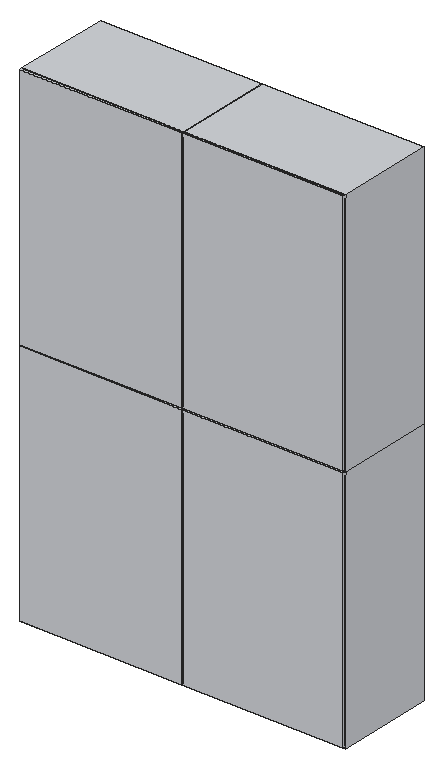
Revit family "LSN Configuration-C", category Electrical Equipment, host Face, Revit 2021
Family settings
  Host = Face
  Round Connector Dimension = Use Diameter
  Part Type = Other Panel
  OmniClass Number = 23.80.30.11.14
  OmniClass Title = Inverters
  Cut with Voids When Loaded = No
  Shared = No
  Room Calculation Point = No
Parameters (values of type "LSN")
  Width = 30.00"  # constant formula
  Wattage = ""
  Voltage = ""
  URL = "https://www.currentlighting.com/dual-lite"
  Temperature Range = "20°C - 30°C (68°F - 86°F)"  # constant formula
  Product Page URL = ""
  Product Documentation Link = ""
  Output Voltage = Output Voltage : 120/240VAC
  Model = "LSN - D Series"  # constant formula
  Manufacturer = "Dual-Lite"  # constant formula
  Load Classification = Power
  Input Voltage = Input Voltage : 120VAC
  Housing Material = Metal - Steel - Gray
  Height = 46.00"  # constant formula
  Door Open [instance] = no
  Door Angle [instance] = if(Door Open, 90.00°, 0.00°)  # 0.00°
  Description = "Single-Phase Central Lighting Inverters"  # constant formula
  Depth = 18.63"  # constant formula
  Default Elevation = 48.00"
  Connector Description = "Electrical Connector"  # constant formula
  Capacity Rating = Capacity Rating : 01 = 1.0KVA
  Battery Type = Battery Type : G = 20-Year VRLA Lead-Calcium
  Assembly Code = "D5090200"
Reference planes (in)
  plane 1 "Center (Front/Back)": y = 0
  plane 2 "Bottom": z = 0
  plane 3 "Center (Left/Right)": x = 0
  plane 4 "Right": x = 15
  plane 5 "Left": x = -15
  plane 6 "Top": z = 46
  plane 7 "T": y = 9.315
  plane 8 "Front": y = -9.315
  plane 9: y = -8.815
  plane 10: x = -14.5
  plane 11: z = 45.5
  plane 12: x = 14.5
  plane 13: z = 0.5
  plane 14: y = 8.815
Lines and regions (in)
  reference lines
    curve 1: line (-15, -8.815, 0) -> (-15, -9.315, 0)
    curve 2: line (-15, -8.815, 0) -> (-15, -15.565, 0)
    curve 3: line (-15, -8.815, 0) -> (-7, -8.815, 0)
Dimensions and locks (in)
  "Width": plane 5 "Left" to plane 4 "Right"
  "Depth": plane 8 "Front" to plane 7 "T"
  equal spacing: plane 8 "Front", plane 1 "Center (Front/Back)", plane 7 "T"
  equal spacing: plane 5 "Left", plane 3 "Center (Left/Right)", plane 4 "Right"
  locked: plane 9 to plane 8 "Front" at 0.5
  locked: plane 14 to plane 7 "T" at 0.5
  locked: curve 2 to curve 3 (angle 90.00°)
  "Door Angle": angle curve 3 to plane 9
  aligned and locked: host face to plane 2 "Bottom"
  aligned and locked: plane 9 to curve 1
  aligned and locked: plane 3 "Center (Left/Right)" to nested 1
  aligned and locked: plane 3 "Center (Left/Right)" to nested 2
  aligned and locked: plane 1 "Center (Front/Back)" to nested 1
  aligned and locked: plane 1 "Center (Front/Back)" to nested 2
  aligned and locked: nested 3 to plane 4 "Right"
  aligned and locked: plane 1 "Center (Front/Back)" to nested 3
  aligned and locked: nested 4 to plane 4 "Right"
  aligned and locked: plane 1 "Center (Front/Back)" to nested 4
Automatic sketch dimensions
  host sketch curve to host sketch curve = 122.61932"
  host sketch curve to host sketch curve = 96.00"
  curve 1 to plane 5 "Left" = 0.00"
  curve 1 to plane 8 "Front" = 0.00"
Nested families (in)
  nested 1: "LSN" at (0, 0, 0), type "LSN"
    with Door Angle 0.00°
  nested 2: "LSN-1" at (0, 0, 46), type "LSN"
    with Door Angle 0.00°
  nested 3: "LSN" at (30, 0, 0), type "LSN"
    with Door Angle 0.00°
  nested 4: "LSN" at (30, 0, 46), type "LSN"
    with Door Angle 0.00°
Connectors (in)
  electrical at (0, 9.315, 23), driven by "Connector Description", driven by "Load Classification"
    settings: on nested 1, index 1, voltage 0 V, apparent load 0 VA, apparent load phase1 0 VA, apparent load phase2 0 VA, apparent load phase3 0 VA, power factor 1, load classification "Power", number of poles 1, system type 30, power factor state 1, is connector primary yes, connector utility no, sub classification motor no, connector description "Electrical Connector"
Definition of nested family "LSN"
  Parameters
    Width = 30.00"  # constant formula
    Wattage = ""
    Voltage = ""
    URL = "http://www.dual-lite.com/"
    Temperature Range = "20°C - 30°C (68°F - 86°F)"  # constant formula
    Product Page URL = "http://www.dual-lite.com/products/lsn_d_series"
    Product Documentation Link = "http://cdn.dual-lite.com/content/products/specs/specs_files/dlt_lsn_specsht.pdf"
    Model = "LSN - D Series"  # constant formula
    Manufacturer Phone = "864-678-1000"  # constant formula
    Manufacturer Fax = "866-898-0131"  # constant formula
    Manufacturer = "Dual-Lite"  # constant formula
    Load Classification = none
    Housing Material = none
    Height = 46.00"  # constant formula
    Door Open = no
    Door Angle [instance] = if(Door Open, 90.00°, 0.00°)  # 0.00°
    Description = "Single-Phase Central Lighting Inverters"  # constant formula
    Depth = 18.63"  # constant formula
    Default Elevation = 48.00"
    Connector Description = "Electrical Connector"  # constant formula
    Assembly Code = "D5090200"
  Reference planes (in)
    plane 1 "Center (Front/Back)": y = 0
    plane 2 "Bottom": z = 0
    plane 3 "Center (Left/Right)": x = 0
    plane 4 "Right": x = 15
    plane 5 "Left": x = -15
    plane 6 "Top": z = 46
    plane 7 "T": y = 9.315
    plane 8 "Front": y = -9.315
    plane 9: y = -8.815
    plane 10: x = -14.5
    plane 11: z = 45.5
    plane 12: x = 14.5
    plane 13: z = 0.5
    plane 14: y = 8.815
  Forms (in)
    Extrusion 1, solid
      sketch origin (0, 0, 0) x (1, 0, 0) y (0, 1, 0)
        loop
          line (-48, 48) -> (-48, -48) -> (48, -48) -> (48, 48) -> (-48, 48)
      from 0 to -12
    Extrusion 2, solid, material <- "Housing Material"
      sketch origin (31, -10.16313, -33.67652) x (-1, 0, 0) y (0, 0, -1)
        loop
          line (46, -79.67652) -> (46, -33.67652) -> (16, -33.67652) -> (16, -79.67652) -> (46, -79.67652)
      from -1.34813 to -19.47813
    Extrusion 3, void
      sketch origin (0, -10.16313, 0) x (-1, 0, 0) y (0, 0, -1)
        loop
          line (14.5, -45.5) -> (14.5, -0.5) -> (-14.5, -0.5) -> (-14.5, -45.5) -> (14.5, -45.5)
      from -0.84813 to -18.97813
  Cuts and joins
    Extrusion 3 cuts Extrusion 2
  Lines and regions (in)
    reference lines
      curve 1: line (-15, -8.815, 0) -> (-15, -9.315, 0)
      curve 2: line (-15, -8.815, 0) -> (-15, -15.565, 0)
      curve 3: line (-15, -8.815, 0) -> (-7, -8.815, 0)
  Dimensions and locks (in)
    "Width": plane 5 "Left" to plane 4 "Right"
    "Depth": plane 8 "Front" to plane 7 "T"
    equal spacing: plane 8 "Front", plane 1 "Center (Front/Back)", plane 7 "T"
    equal spacing: plane 5 "Left", plane 3 "Center (Left/Right)", plane 4 "Right"
    locked: plane 9 to plane 8 "Front" at 0.5
    locked: plane 5 "Left" to plane 10 at 0.5
    locked: plane 6 "Top" to plane 11 at 0.5
    locked: plane 4 "Right" to plane 12 at 0.5
    locked: plane 14 to plane 7 "T" at 0.5
    locked: plane 13 to plane 2 "Bottom" at 0.5
    "Height": plane 6 "Top" to plane 2 "Bottom"
    locked: curve 2 to curve 3 (angle 90.00°)
    "Door Angle": angle curve 3 to plane 9
    "Door Angle": angle nested 1 to plane 9
    aligned and locked: plane 2 "Bottom" to Extrusion 1
    aligned and locked: Extrusion 2 sketch curve to plane 4 "Right"
    aligned and locked: plane 5 "Left" to Extrusion 2 sketch curve
    aligned and locked: Extrusion 3 sketch curve to plane 11
    aligned and locked: Extrusion 3 sketch curve to plane 12
    aligned and locked: plane 13 to Extrusion 3 sketch curve
    aligned and locked: Extrusion 3 sketch curve to plane 10
    aligned and locked: Extrusion 3 to plane 14
    aligned and locked: plane 9 to curve 1
    aligned and locked: Extrusion 2 to plane 7 "T"
    aligned and locked: Extrusion 3 to plane 8 "Front"
    aligned and locked: Extrusion 2 to plane 9
    aligned and locked: plane 6 "Top" to Extrusion 2
    aligned and locked: curve 2 to nested 1
    aligned and locked: curve 3 to nested 1
    aligned and locked: plane 6 "Top" to nested 1
  Automatic sketch dimensions
    Extrusion 1 sketch curve to Extrusion 1 sketch curve = 96.00"  (x2)
    Extrusion 2 sketch curve to plane 6 "Top" = 0.00"
    curve 3 to plane 5 "Left" = 0.00"
    curve 1 to plane 8 "Front" = 0.00"
    Extrusion 2 sketch curve to plane 2 "Bottom" = 0.00"
  Nested families (in)
    nested 1: "Door" at (0, -8.815, 0), type "Door"
  Definition of nested family "Door"
    Parameters
      Material = none
      Length = 30.00"
      Height = 46.00"
      Default Elevation = 0.00"
    Reference planes (in)
      plane 1 "Center (Front/Back)": y = 0
      plane 2: z = 0
      plane 3 "Center (Left/Right)": x = 0
      plane 4: x = 15
      plane 5: x = -15
      plane 6: y = -0.5
      plane 7: y = -0.4
      plane 8: z = 46
      plane 9: z = 0.50743
      plane 10: z = 45.5
      plane 11: x = -14.8
      plane 12: x = 14.8
      plane 13: z = 0.29687
    Forms (in)
      Extrusion 1, solid, material <- "Material"
        sketch origin (0, 0, 0) x (0, 1, 0) y (0, 0, 1)
          loop
            line (0, 46) -> (-0.5, 46) -> (-0.5, 0.29687) -> (0, 0.29687) -> (0, 0.50743) -> (-0.4, 0.50743) -> (-0.4, 45.5) -> (0, 45.5) -> (0, 46)
        from -15 to 15
      Extrusion 2, solid, material <- "Material"
        sketch origin (0, 0, 0) x (1, 0, 0) y (0, 1, 0)
          loop
            line (-15, 0) -> (-15, -0.4) -> (-14.8, -0.4) -> (-14.8, 0) -> (-15, 0)
          loop
            line (14.8, 0) -> (14.8, -0.4) -> (15, -0.4) -> (15, 0) -> (14.8, 0)
        from 0.50743 to 45.5
      Extrusion 3, void, not visible
        sketch origin (0, 0, 0) x (1, 0, 0) y (0, 0, 1)
          loop
            line (-13.99886, 4.74938) -> (-13.99886, 1.74938) -> (-13.74886, 1.74938) -> (-13.74886, 4.74938) -> (-13.99886, 4.74938)
        from 0 to 12
    Lines and regions (in)
      reference lines
        curve 1: line (-15, -0.5, 0) -> (-15, -2.25, 0)
        curve 2: line (-15, -0.5, 0) -> (18.75, -0.5, 0)
      model lines
        curve 3: circle (-12.83648, -0.5, 24.38305) r 0.5 normal (0, -1, 0)
    Dimensions and locks (in)
      equal spacing: plane 5, plane 3 "Center (Left/Right)", plane 4
      "Length": plane 5 to plane 4
      plane 1 "Center (Front/Back)" to plane 6 = 0.50"
      plane 7 to plane 6 = 0.10"
      "Height": plane 8 to level
      plane 8 to plane 10 = 0.50"
      plane 1 "Center (Front/Back)" to Extrusion 2 = 0.40"
      locked: plane 4 to plane 12 at 0.2
      locked: plane 11 to plane 5 at 0.2
      locked: plane 13 to plane 2 at 0.29688
      aligned and locked: plane 2 to level
      aligned and locked: Extrusion 1 sketch curve to plane 8
      aligned and locked: Extrusion 1 sketch curve to plane 6
      aligned and locked: plane 7 to Extrusion 1 sketch curve
      aligned and locked: plane 1 "Center (Front/Back)" to Extrusion 1 sketch curve
      aligned and locked: Extrusion 1 to plane 10
      aligned and locked: plane 9 to Extrusion 1
      aligned and locked: Extrusion 1 to plane 5
      aligned and locked: plane 4 to Extrusion 1
      aligned and locked: Extrusion 2 sketch curve to plane 11
      aligned and locked: plane 1 "Center (Front/Back)" to Extrusion 2 sketch curve
      aligned and locked: Extrusion 2 sketch curve to plane 12
      aligned and locked: plane 10 to Extrusion 2
      aligned and locked: Extrusion 2 to plane 9
      aligned and locked: Extrusion 2 sketch curve to plane 7  (x2)
    Automatic sketch dimensions
      curve 1 to plane 5 = 0.00"
      plane 6 to curve 2 = 0.00"
      plane 4 to curve 2 = 3.75"
      curve 1 to curve 1 = 1.75"
      Extrusion 3 sketch curve to Extrusion 3 sketch curve = 0.25"
      Extrusion 3 sketch curve to Extrusion 3 sketch curve = 3.00"
      Extrusion 1 sketch curve to plane 1 "Center (Front/Back)" = 0.00"
      Extrusion 1 sketch curve to plane 9 = 0.00"
      Extrusion 1 sketch curve to plane 10 = 0.00"
      Extrusion 2 sketch curve to plane 5 = 0.00"
      Extrusion 2 sketch curve to plane 4 = 0.00"
      plane 1 "Center (Front/Back)" to Extrusion 2 sketch curve = 0.00"
      plane 11 to curve 3 = 1.96352"
      curve 3 to plane 10 = 21.11695"
      level to Extrusion 1 sketch curve = 0.29688"
      radius of curve 3 = 0.50"
Definition of nested family "LSN-1"
  Parameters
    Width = 30.00"  # constant formula
    Wattage = ""
    Voltage = ""
    URL = "http://www.dual-lite.com/"
    Temperature Range = "20°C - 30°C (68°F - 86°F)"  # constant formula
    Product Page URL = "http://www.dual-lite.com/products/lsn_d_series"
    Product Documentation Link = "http://cdn.dual-lite.com/content/products/specs/specs_files/dlt_lsn_specsht.pdf"
    Model = "LSN - D Series"  # constant formula
    Manufacturer Phone = "864-678-1000"  # constant formula
    Manufacturer Fax = "866-898-0131"  # constant formula
    Manufacturer = "Dual-Lite"  # constant formula
    Load Classification = none
    Housing Material = none
    Height = 46.00"  # constant formula
    Door Open = no
    Door Angle [instance] = if(Door Open, 90.00°, 0.00°)  # 0.00°
    Description = "Single-Phase Central Lighting Inverters"  # constant formula
    Depth = 18.63"  # constant formula
    Default Elevation = 48.00"
    Connector Description = "Electrical Connector"  # constant formula
    Assembly Code = "D5090200"
  Reference planes (in)
    plane 1 "Center (Front/Back)": y = 0
    plane 2 "Bottom": z = 0
    plane 3 "Center (Left/Right)": x = 0
    plane 4 "Right": x = 15
    plane 5 "Left": x = -15
    plane 6 "Top": z = 46
    plane 7 "T": y = 9.315
    plane 8 "Front": y = -9.315
    plane 9: y = -8.815
    plane 10: x = -14.5
    plane 11: z = 45.5
    plane 12: x = 14.5
    plane 13: z = 0.5
    plane 14: y = 8.815
  Forms (in)
    Extrusion 1, solid
      sketch origin (0, 0, 0) x (1, 0, 0) y (0, 1, 0)
        loop
          line (-48, 48) -> (-48, -48) -> (48, -48) -> (48, 48) -> (-48, 48)
      from 0 to -12
    Extrusion 2, solid, material <- "Housing Material"
      sketch origin (31, -10.16313, -33.67652) x (-1, 0, 0) y (0, 0, -1)
        loop
          line (46, -79.67652) -> (46, -33.67652) -> (16, -33.67652) -> (16, -79.67652) -> (46, -79.67652)
      from -1.34813 to -19.47813
    Extrusion 3, void
      sketch origin (0, -10.16313, 0) x (-1, 0, 0) y (0, 0, -1)
        loop
          line (14.5, -45.5) -> (14.5, -0.5) -> (-14.5, -0.5) -> (-14.5, -45.5) -> (14.5, -45.5)
      from -0.84813 to -18.97813
  Cuts and joins
    Extrusion 3 cuts Extrusion 2
  Lines and regions (in)
    reference lines
      curve 1: line (-15, -8.815, 0) -> (-15, -9.315, 0)
      curve 2: line (-15, -8.815, 0) -> (-15, -15.565, 0)
      curve 3: line (-15, -8.815, 0) -> (-7, -8.815, 0)
  Dimensions and locks (in)
    "Width": plane 5 "Left" to plane 4 "Right"
    "Depth": plane 8 "Front" to plane 7 "T"
    equal spacing: plane 8 "Front", plane 1 "Center (Front/Back)", plane 7 "T"
    equal spacing: plane 5 "Left", plane 3 "Center (Left/Right)", plane 4 "Right"
    locked: plane 9 to plane 8 "Front" at 0.5
    locked: plane 5 "Left" to plane 10 at 0.5
    locked: plane 6 "Top" to plane 11 at 0.5
    locked: plane 4 "Right" to plane 12 at 0.5
    locked: plane 14 to plane 7 "T" at 0.5
    locked: plane 13 to plane 2 "Bottom" at 0.5
    "Height": plane 6 "Top" to plane 2 "Bottom"
    locked: curve 2 to curve 3 (angle 90.00°)
    "Door Angle": angle curve 3 to plane 9
    "Door Angle": angle nested 1 to plane 9
    aligned and locked: plane 2 "Bottom" to Extrusion 1
    aligned and locked: Extrusion 2 sketch curve to plane 4 "Right"
    aligned and locked: plane 5 "Left" to Extrusion 2 sketch curve
    aligned and locked: Extrusion 3 sketch curve to plane 11
    aligned and locked: Extrusion 3 sketch curve to plane 12
    aligned and locked: plane 13 to Extrusion 3 sketch curve
    aligned and locked: Extrusion 3 sketch curve to plane 10
    aligned and locked: Extrusion 3 to plane 14
    aligned and locked: plane 9 to curve 1
    aligned and locked: Extrusion 2 to plane 7 "T"
    aligned and locked: Extrusion 3 to plane 8 "Front"
    aligned and locked: Extrusion 2 to plane 9
    aligned and locked: plane 6 "Top" to Extrusion 2
    aligned and locked: curve 2 to nested 1
    aligned and locked: curve 3 to nested 1
    aligned and locked: plane 6 "Top" to nested 1
  Automatic sketch dimensions
    Extrusion 1 sketch curve to Extrusion 1 sketch curve = 96.00"  (x2)
    Extrusion 2 sketch curve to plane 6 "Top" = 0.00"
    curve 3 to plane 5 "Left" = 0.00"
    curve 1 to plane 8 "Front" = 0.00"
    Extrusion 2 sketch curve to plane 2 "Bottom" = 0.00"
  Nested families (in)
    nested 1: "Door" at (0, -8.815, 0), type "Door"
  Definition of nested family "Door"
    Parameters
      Material = none
      Length = 30.00"
      Height = 46.00"
      Default Elevation = 0.00"
    Reference planes (in)
      plane 1 "Center (Front/Back)": y = 0
      plane 2: z = 0
      plane 3 "Center (Left/Right)": x = 0
      plane 4: x = 15
      plane 5: x = -15
      plane 6: y = -0.5
      plane 7: y = -0.4
      plane 8: z = 46
      plane 9: z = 0.50743
      plane 10: z = 45.5
      plane 11: x = -14.8
      plane 12: x = 14.8
      plane 13: z = 0.29687
    Forms (in)
      Extrusion 1, solid, material <- "Material"
        sketch origin (0, 0, 0) x (0, 1, 0) y (0, 0, 1)
          loop
            line (0, 46) -> (-0.5, 46) -> (-0.5, 0.29687) -> (0, 0.29687) -> (0, 0.50743) -> (-0.4, 0.50743) -> (-0.4, 45.5) -> (0, 45.5) -> (0, 46)
        from -15 to 15
      Extrusion 2, solid, material <- "Material"
        sketch origin (0, 0, 0) x (1, 0, 0) y (0, 1, 0)
          loop
            line (-15, 0) -> (-15, -0.4) -> (-14.8, -0.4) -> (-14.8, 0) -> (-15, 0)
          loop
            line (14.8, 0) -> (14.8, -0.4) -> (15, -0.4) -> (15, 0) -> (14.8, 0)
        from 0.50743 to 45.5
      Extrusion 3, void, not visible
        sketch origin (0, 0, 0) x (1, 0, 0) y (0, 0, 1)
          loop
            line (-13.99886, 4.74938) -> (-13.99886, 1.74938) -> (-13.74886, 1.74938) -> (-13.74886, 4.74938) -> (-13.99886, 4.74938)
        from 0 to 12
    Lines and regions (in)
      reference lines
        curve 1: line (-15, -0.5, 0) -> (-15, -2.25, 0)
        curve 2: line (-15, -0.5, 0) -> (18.75, -0.5, 0)
      model lines
        curve 3: line (-13.5, -0.5, 19.91964) -> (13.5, -0.5, 19.91964)
        curve 4: line (-13.5, -0.5, 12.41964) -> (-13.5, -0.5, 19.91964)
        curve 5: line (13.5, -0.5, 12.41964) -> (-13.5, -0.5, 12.41964)
        curve 6: circle (0, -0.5, 13.68461) r 0.5 normal (0, -1, 0)
        curve 7: circle (-12.83648, -0.5, 24.38305) r 0.5 normal (0, -1, 0)
        curve 8: line (13.5, -0.5, 12.41964) -> (13.5, -0.5, 19.91964)
        curve 9: line (-13.99886, -0.5, 4.12438) -> (-13.74886, -0.5, 4.12438)
        curve 10: line (-13.99886, -0.5, 1.12438) -> (-13.99886, -0.5, 4.12438)
        curve 11: line (-13.74886, -0.5, 1.12438) -> (-13.99886, -0.5, 1.12438)
        curve 12: line (-13.74886, -0.5, 4.12438) -> (-13.74886, -0.5, 1.12438)
        curve 13: line (13.75114, -0.5, 4.12438) -> (14.00114, -0.5, 4.12438)
        curve 14: line (13.75114, -0.5, 1.12438) -> (13.75114, -0.5, 4.12438)
        curve 15: line (14.00114, -0.5, 1.12438) -> (13.75114, -0.5, 1.12438)
        curve 16: line (14.00114, -0.5, 4.12438) -> (14.00114, -0.5, 1.12438)
        curve 17: line (-13.43253, -0.5, 4.12438) -> (-13.18253, -0.5, 4.12438)
        curve 18: line (-13.43253, -0.5, 1.12438) -> (-13.43253, -0.5, 4.12438)
        curve 19: line (-13.18253, -0.5, 1.12438) -> (-13.43253, -0.5, 1.12438)
        curve 20: line (-13.18253, -0.5, 4.12438) -> (-13.18253, -0.5, 1.12438)
        curve 21: line (-12.86621, -0.5, 4.12438) -> (-12.61621, -0.5, 4.12438)
        curve 22: line (-12.86621, -0.5, 1.12438) -> (-12.86621, -0.5, 4.12438)
        curve 23: line (-12.61621, -0.5, 1.12438) -> (-12.86621, -0.5, 1.12438)
        curve 24: line (-12.61621, -0.5, 4.12438) -> (-12.61621, -0.5, 1.12438)
        curve 25: line (-12.29988, -0.5, 4.12438) -> (-12.04988, -0.5, 4.12438)
        curve 26: line (-12.29988, -0.5, 1.12438) -> (-12.29988, -0.5, 4.12438)
        curve 27: line (-12.04988, -0.5, 1.12438) -> (-12.29988, -0.5, 1.12438)
        curve 28: line (-12.04988, -0.5, 4.12438) -> (-12.04988, -0.5, 1.12438)
        curve 29: line (-11.73355, -0.5, 4.12438) -> (-11.48355, -0.5, 4.12438)
        curve 30: line (-11.73355, -0.5, 1.12438) -> (-11.73355, -0.5, 4.12438)
        curve 31: line (-11.48355, -0.5, 1.12438) -> (-11.73355, -0.5, 1.12438)
        curve 32: line (-11.48355, -0.5, 4.12438) -> (-11.48355, -0.5, 1.12438)
        curve 33: line (-11.16723, -0.5, 4.12438) -> (-10.91723, -0.5, 4.12438)
        curve 34: line (-11.16723, -0.5, 1.12438) -> (-11.16723, -0.5, 4.12438)
        curve 35: line (-10.91723, -0.5, 1.12438) -> (-11.16723, -0.5, 1.12438)
        curve 36: line (-10.91723, -0.5, 4.12438) -> (-10.91723, -0.5, 1.12438)
        curve 37: line (-10.6009, -0.5, 4.12438) -> (-10.3509, -0.5, 4.12438)
        curve 38: line (-10.6009, -0.5, 1.12438) -> (-10.6009, -0.5, 4.12438)
        curve 39: line (-10.3509, -0.5, 1.12438) -> (-10.6009, -0.5, 1.12438)
        curve 40: line (-10.3509, -0.5, 4.12438) -> (-10.3509, -0.5, 1.12438)
        curve 41: line (-10.03457, -0.5, 4.12438) -> (-9.78457, -0.5, 4.12438)
        curve 42: line (-10.03457, -0.5, 1.12438) -> (-10.03457, -0.5, 4.12438)
        curve 43: line (-9.78457, -0.5, 1.12438) -> (-10.03457, -0.5, 1.12438)
        curve 44: line (-9.78457, -0.5, 4.12438) -> (-9.78457, -0.5, 1.12438)
        curve 45: line (-9.46825, -0.5, 4.12438) -> (-9.21825, -0.5, 4.12438)
        curve 46: line (-9.46825, -0.5, 1.12438) -> (-9.46825, -0.5, 4.12438)
        curve 47: line (-9.21825, -0.5, 1.12438) -> (-9.46825, -0.5, 1.12438)
        curve 48: line (-9.21825, -0.5, 4.12438) -> (-9.21825, -0.5, 1.12438)
        curve 49: line (-8.90192, -0.5, 4.12438) -> (-8.65192, -0.5, 4.12438)
        curve 50: line (-8.90192, -0.5, 1.12438) -> (-8.90192, -0.5, 4.12438)
        curve 51: line (-8.65192, -0.5, 1.12438) -> (-8.90192, -0.5, 1.12438)
        curve 52: line (-8.65192, -0.5, 4.12438) -> (-8.65192, -0.5, 1.12438)
        curve 53: line (-8.33559, -0.5, 4.12438) -> (-8.08559, -0.5, 4.12438)
        curve 54: line (-8.33559, -0.5, 1.12438) -> (-8.33559, -0.5, 4.12438)
        curve 55: line (-8.08559, -0.5, 1.12438) -> (-8.33559, -0.5, 1.12438)
        curve 56: line (-8.08559, -0.5, 4.12438) -> (-8.08559, -0.5, 1.12438)
        curve 57: line (-7.76927, -0.5, 4.12438) -> (-7.51927, -0.5, 4.12438)
        curve 58: line (-7.76927, -0.5, 1.12438) -> (-7.76927, -0.5, 4.12438)
        curve 59: line (-7.51927, -0.5, 1.12438) -> (-7.76927, -0.5, 1.12438)
        curve 60: line (-7.51927, -0.5, 4.12438) -> (-7.51927, -0.5, 1.12438)
        curve 61: line (-7.20294, -0.5, 4.12438) -> (-6.95294, -0.5, 4.12438)
        curve 62: line (-7.20294, -0.5, 1.12438) -> (-7.20294, -0.5, 4.12438)
        curve 63: line (-6.95294, -0.5, 1.12438) -> (-7.20294, -0.5, 1.12438)
        curve 64: line (-6.95294, -0.5, 4.12438) -> (-6.95294, -0.5, 1.12438)
        curve 65: line (-6.63661, -0.5, 4.12438) -> (-6.38661, -0.5, 4.12438)
        curve 66: line (-6.63661, -0.5, 1.12438) -> (-6.63661, -0.5, 4.12438)
        curve 67: line (-6.38661, -0.5, 1.12438) -> (-6.63661, -0.5, 1.12438)
        curve 68: line (-6.38661, -0.5, 4.12438) -> (-6.38661, -0.5, 1.12438)
        curve 69: line (-6.07029, -0.5, 4.12438) -> (-5.82029, -0.5, 4.12438)
        curve 70: line (-6.07029, -0.5, 1.12438) -> (-6.07029, -0.5, 4.12438)
        curve 71: line (-5.82029, -0.5, 1.12438) -> (-6.07029, -0.5, 1.12438)
        curve 72: line (-5.82029, -0.5, 4.12438) -> (-5.82029, -0.5, 1.12438)
        curve 73: line (-5.50396, -0.5, 4.12438) -> (-5.25396, -0.5, 4.12438)
        curve 74: line (-5.50396, -0.5, 1.12438) -> (-5.50396, -0.5, 4.12438)
        curve 75: line (-5.25396, -0.5, 1.12438) -> (-5.50396, -0.5, 1.12438)
        curve 76: line (-5.25396, -0.5, 4.12438) -> (-5.25396, -0.5, 1.12438)
        curve 77: line (-4.93764, -0.5, 4.12438) -> (-4.68764, -0.5, 4.12438)
        curve 78: line (-4.93764, -0.5, 1.12438) -> (-4.93764, -0.5, 4.12438)
        curve 79: line (-4.68764, -0.5, 1.12438) -> (-4.93764, -0.5, 1.12438)
        curve 80: line (-4.68764, -0.5, 4.12438) -> (-4.68764, -0.5, 1.12438)
        curve 81: line (-4.37131, -0.5, 4.12438) -> (-4.12131, -0.5, 4.12438)
        curve 82: line (-4.37131, -0.5, 1.12438) -> (-4.37131, -0.5, 4.12438)
        curve 83: line (-4.12131, -0.5, 1.12438) -> (-4.37131, -0.5, 1.12438)
        curve 84: line (-4.12131, -0.5, 4.12438) -> (-4.12131, -0.5, 1.12438)
        curve 85: line (-3.80498, -0.5, 4.12438) -> (-3.55498, -0.5, 4.12438)
        curve 86: line (-3.80498, -0.5, 1.12438) -> (-3.80498, -0.5, 4.12438)
        curve 87: line (-3.55498, -0.5, 1.12438) -> (-3.80498, -0.5, 1.12438)
        curve 88: line (-3.55498, -0.5, 4.12438) -> (-3.55498, -0.5, 1.12438)
        curve 89: line (-3.23866, -0.5, 4.12438) -> (-2.98866, -0.5, 4.12438)
        curve 90: line (-3.23866, -0.5, 1.12438) -> (-3.23866, -0.5, 4.12438)
        curve 91: line (-2.98866, -0.5, 1.12438) -> (-3.23866, -0.5, 1.12438)
        curve 92: line (-2.98866, -0.5, 4.12438) -> (-2.98866, -0.5, 1.12438)
        curve 93: line (-2.67233, -0.5, 4.12438) -> (-2.42233, -0.5, 4.12438)
        curve 94: line (-2.67233, -0.5, 1.12438) -> (-2.67233, -0.5, 4.12438)
        curve 95: line (-2.42233, -0.5, 1.12438) -> (-2.67233, -0.5, 1.12438)
        curve 96: line (-2.42233, -0.5, 4.12438) -> (-2.42233, -0.5, 1.12438)
        curve 97: line (-2.106, -0.5, 4.12438) -> (-1.856, -0.5, 4.12438)
        curve 98: line (-2.106, -0.5, 1.12438) -> (-2.106, -0.5, 4.12438)
        curve 99: line (-1.856, -0.5, 1.12438) -> (-2.106, -0.5, 1.12438)
        curve 100: line (-1.856, -0.5, 4.12438) -> (-1.856, -0.5, 1.12438)
        curve 101: line (-1.53968, -0.5, 4.12438) -> (-1.28968, -0.5, 4.12438)
        curve 102: line (-1.53968, -0.5, 1.12438) -> (-1.53968, -0.5, 4.12438)
        curve 103: line (-1.28968, -0.5, 1.12438) -> (-1.53968, -0.5, 1.12438)
        curve 104: line (-1.28968, -0.5, 4.12438) -> (-1.28968, -0.5, 1.12438)
        curve 105: line (-0.97335, -0.5, 4.12438) -> (-0.72335, -0.5, 4.12438)
        curve 106: line (-0.97335, -0.5, 1.12438) -> (-0.97335, -0.5, 4.12438)
        curve 107: line (-0.72335, -0.5, 1.12438) -> (-0.97335, -0.5, 1.12438)
        curve 108: line (-0.72335, -0.5, 4.12438) -> (-0.72335, -0.5, 1.12438)
        curve 109: line (-0.40702, -0.5, 4.12438) -> (-0.15702, -0.5, 4.12438)
        curve 110: line (-0.40702, -0.5, 1.12438) -> (-0.40702, -0.5, 4.12438)
        curve 111: line (-0.15702, -0.5, 1.12438) -> (-0.40702, -0.5, 1.12438)
        curve 112: line (-0.15702, -0.5, 4.12438) -> (-0.15702, -0.5, 1.12438)
        curve 113: line (0.1593, -0.5, 4.12438) -> (0.4093, -0.5, 4.12438)
        curve 114: line (0.1593, -0.5, 1.12438) -> (0.1593, -0.5, 4.12438)
        curve 115: line (0.4093, -0.5, 1.12438) -> (0.1593, -0.5, 1.12438)
        curve 116: line (0.4093, -0.5, 4.12438) -> (0.4093, -0.5, 1.12438)
        curve 117: line (0.72563, -0.5, 4.12438) -> (0.97563, -0.5, 4.12438)
        curve 118: line (0.72563, -0.5, 1.12438) -> (0.72563, -0.5, 4.12438)
        curve 119: line (0.97563, -0.5, 1.12438) -> (0.72563, -0.5, 1.12438)
        curve 120: line (0.97563, -0.5, 4.12438) -> (0.97563, -0.5, 1.12438)
        curve 121: line (1.29196, -0.5, 4.12438) -> (1.54196, -0.5, 4.12438)
        curve 122: line (1.29196, -0.5, 1.12438) -> (1.29196, -0.5, 4.12438)
        curve 123: line (1.54196, -0.5, 1.12438) -> (1.29196, -0.5, 1.12438)
        curve 124: line (1.54196, -0.5, 4.12438) -> (1.54196, -0.5, 1.12438)
        curve 125: line (1.85828, -0.5, 4.12438) -> (2.10828, -0.5, 4.12438)
        curve 126: line (1.85828, -0.5, 1.12438) -> (1.85828, -0.5, 4.12438)
        curve 127: line (2.10828, -0.5, 1.12438) -> (1.85828, -0.5, 1.12438)
        curve 128: line (2.10828, -0.5, 4.12438) -> (2.10828, -0.5, 1.12438)
        curve 129: line (2.42461, -0.5, 4.12438) -> (2.67461, -0.5, 4.12438)
        curve 130: line (2.42461, -0.5, 1.12438) -> (2.42461, -0.5, 4.12438)
        curve 131: line (2.67461, -0.5, 1.12438) -> (2.42461, -0.5, 1.12438)
        curve 132: line (2.67461, -0.5, 4.12438) -> (2.67461, -0.5, 1.12438)
        curve 133: line (2.99094, -0.5, 4.12438) -> (3.24094, -0.5, 4.12438)
        curve 134: line (2.99094, -0.5, 1.12438) -> (2.99094, -0.5, 4.12438)
        curve 135: line (3.24094, -0.5, 1.12438) -> (2.99094, -0.5, 1.12438)
        curve 136: line (3.24094, -0.5, 4.12438) -> (3.24094, -0.5, 1.12438)
        curve 137: line (3.55726, -0.5, 4.12438) -> (3.80726, -0.5, 4.12438)
        curve 138: line (3.55726, -0.5, 1.12438) -> (3.55726, -0.5, 4.12438)
        curve 139: line (3.80726, -0.5, 1.12438) -> (3.55726, -0.5, 1.12438)
        curve 140: line (3.80726, -0.5, 4.12438) -> (3.80726, -0.5, 1.12438)
        curve 141: line (4.12359, -0.5, 4.12438) -> (4.37359, -0.5, 4.12438)
        curve 142: line (4.12359, -0.5, 1.12438) -> (4.12359, -0.5, 4.12438)
        curve 143: line (4.37359, -0.5, 1.12438) -> (4.12359, -0.5, 1.12438)
        curve 144: line (4.37359, -0.5, 4.12438) -> (4.37359, -0.5, 1.12438)
        curve 145: line (4.68992, -0.5, 4.12438) -> (4.93992, -0.5, 4.12438)
        curve 146: line (4.68992, -0.5, 1.12438) -> (4.68992, -0.5, 4.12438)
        curve 147: line (4.93992, -0.5, 1.12438) -> (4.68992, -0.5, 1.12438)
        curve 148: line (4.93992, -0.5, 4.12438) -> (4.93992, -0.5, 1.12438)
        curve 149: line (5.25624, -0.5, 4.12438) -> (5.50624, -0.5, 4.12438)
        curve 150: line (5.25624, -0.5, 1.12438) -> (5.25624, -0.5, 4.12438)
        curve 151: line (5.50624, -0.5, 1.12438) -> (5.25624, -0.5, 1.12438)
        curve 152: line (5.50624, -0.5, 4.12438) -> (5.50624, -0.5, 1.12438)
        curve 153: line (5.82257, -0.5, 4.12438) -> (6.07257, -0.5, 4.12438)
        curve 154: line (5.82257, -0.5, 1.12438) -> (5.82257, -0.5, 4.12438)
        curve 155: line (6.07257, -0.5, 1.12438) -> (5.82257, -0.5, 1.12438)
        curve 156: line (6.07257, -0.5, 4.12438) -> (6.07257, -0.5, 1.12438)
        curve 157: line (6.3889, -0.5, 4.12438) -> (6.6389, -0.5, 4.12438)
        curve 158: line (6.3889, -0.5, 1.12438) -> (6.3889, -0.5, 4.12438)
        curve 159: line (6.6389, -0.5, 1.12438) -> (6.3889, -0.5, 1.12438)
        curve 160: line (6.6389, -0.5, 4.12438) -> (6.6389, -0.5, 1.12438)
        curve 161: line (6.95522, -0.5, 4.12438) -> (7.20522, -0.5, 4.12438)
        curve 162: line (6.95522, -0.5, 1.12438) -> (6.95522, -0.5, 4.12438)
        curve 163: line (7.20522, -0.5, 1.12438) -> (6.95522, -0.5, 1.12438)
        curve 164: line (7.20522, -0.5, 4.12438) -> (7.20522, -0.5, 1.12438)
        curve 165: line (7.52155, -0.5, 4.12438) -> (7.77155, -0.5, 4.12438)
        curve 166: line (7.52155, -0.5, 1.12438) -> (7.52155, -0.5, 4.12438)
        curve 167: line (7.77155, -0.5, 1.12438) -> (7.52155, -0.5, 1.12438)
        curve 168: line (7.77155, -0.5, 4.12438) -> (7.77155, -0.5, 1.12438)
        curve 169: line (8.08788, -0.5, 4.12438) -> (8.33788, -0.5, 4.12438)
        curve 170: line (8.08788, -0.5, 1.12438) -> (8.08788, -0.5, 4.12438)
        curve 171: line (8.33788, -0.5, 1.12438) -> (8.08788, -0.5, 1.12438)
        curve 172: line (8.33788, -0.5, 4.12438) -> (8.33788, -0.5, 1.12438)
        curve 173: line (8.6542, -0.5, 4.12438) -> (8.9042, -0.5, 4.12438)
        curve 174: line (8.6542, -0.5, 1.12438) -> (8.6542, -0.5, 4.12438)
        curve 175: line (8.9042, -0.5, 1.12438) -> (8.6542, -0.5, 1.12438)
        curve 176: line (8.9042, -0.5, 4.12438) -> (8.9042, -0.5, 1.12438)
        curve 177: line (9.22053, -0.5, 4.12438) -> (9.47053, -0.5, 4.12438)
        curve 178: line (9.22053, -0.5, 1.12438) -> (9.22053, -0.5, 4.12438)
        curve 179: line (9.47053, -0.5, 1.12438) -> (9.22053, -0.5, 1.12438)
        curve 180: line (9.47053, -0.5, 4.12438) -> (9.47053, -0.5, 1.12438)
        curve 181: line (9.78685, -0.5, 4.12438) -> (10.03685, -0.5, 4.12438)
        curve 182: line (9.78685, -0.5, 1.12438) -> (9.78685, -0.5, 4.12438)
        curve 183: line (10.03685, -0.5, 1.12438) -> (9.78685, -0.5, 1.12438)
        curve 184: line (10.03685, -0.5, 4.12438) -> (10.03685, -0.5, 1.12438)
        curve 185: line (10.35318, -0.5, 4.12438) -> (10.60318, -0.5, 4.12438)
        curve 186: line (10.35318, -0.5, 1.12438) -> (10.35318, -0.5, 4.12438)
        curve 187: line (10.60318, -0.5, 1.12438) -> (10.35318, -0.5, 1.12438)
        curve 188: line (10.60318, -0.5, 4.12438) -> (10.60318, -0.5, 1.12438)
        curve 189: line (10.91951, -0.5, 4.12438) -> (11.16951, -0.5, 4.12438)
        curve 190: line (10.91951, -0.5, 1.12438) -> (10.91951, -0.5, 4.12438)
        curve 191: line (11.16951, -0.5, 1.12438) -> (10.91951, -0.5, 1.12438)
        curve 192: line (11.16951, -0.5, 4.12438) -> (11.16951, -0.5, 1.12438)
        curve 193: line (11.48583, -0.5, 4.12438) -> (11.73583, -0.5, 4.12438)
        curve 194: line (11.48583, -0.5, 1.12438) -> (11.48583, -0.5, 4.12438)
        curve 195: line (11.73583, -0.5, 1.12438) -> (11.48583, -0.5, 1.12438)
        curve 196: line (11.73583, -0.5, 4.12438) -> (11.73583, -0.5, 1.12438)
        curve 197: line (12.05216, -0.5, 4.12438) -> (12.30216, -0.5, 4.12438)
        curve 198: line (12.05216, -0.5, 1.12438) -> (12.05216, -0.5, 4.12438)
        curve 199: line (12.30216, -0.5, 1.12438) -> (12.05216, -0.5, 1.12438)
        curve 200: line (12.30216, -0.5, 4.12438) -> (12.30216, -0.5, 1.12438)
        curve 201: line (12.61849, -0.5, 4.12438) -> (12.86849, -0.5, 4.12438)
        curve 202: line (12.61849, -0.5, 1.12438) -> (12.61849, -0.5, 4.12438)
        curve 203: line (12.86849, -0.5, 1.12438) -> (12.61849, -0.5, 1.12438)
        curve 204: line (12.86849, -0.5, 4.12438) -> (12.86849, -0.5, 1.12438)
        curve 205: line (13.18481, -0.5, 4.12438) -> (13.43481, -0.5, 4.12438)
        curve 206: line (13.18481, -0.5, 1.12438) -> (13.18481, -0.5, 4.12438)
        curve 207: line (13.43481, -0.5, 1.12438) -> (13.18481, -0.5, 1.12438)
        curve 208: line (13.43481, -0.5, 4.12438) -> (13.43481, -0.5, 1.12438)
        curve 209: line (-13.99886, -0.5, 7.49938) -> (-13.74886, -0.5, 7.49938)
        curve 210: line (-13.99886, -0.5, 4.49938) -> (-13.99886, -0.5, 7.49938)
        curve 211: line (-13.74886, -0.5, 4.49938) -> (-13.99886, -0.5, 4.49938)
        curve 212: line (-13.74886, -0.5, 7.49938) -> (-13.74886, -0.5, 4.49938)
        curve 213: line (13.75114, -0.5, 7.49938) -> (14.00114, -0.5, 7.49938)
        curve 214: line (13.75114, -0.5, 4.49938) -> (13.75114, -0.5, 7.49938)
        curve 215: line (14.00114, -0.5, 4.49938) -> (13.75114, -0.5, 4.49938)
        curve 216: line (14.00114, -0.5, 7.49938) -> (14.00114, -0.5, 4.49938)
        curve 217: line (-13.43253, -0.5, 7.49938) -> (-13.18253, -0.5, 7.49938)
        curve 218: line (-13.43253, -0.5, 4.49938) -> (-13.43253, -0.5, 7.49938)
        curve 219: line (-13.18253, -0.5, 4.49938) -> (-13.43253, -0.5, 4.49938)
        curve 220: line (-13.18253, -0.5, 7.49938) -> (-13.18253, -0.5, 4.49938)
        curve 221: line (-12.86621, -0.5, 7.49938) -> (-12.61621, -0.5, 7.49938)
        curve 222: line (-12.86621, -0.5, 4.49938) -> (-12.86621, -0.5, 7.49938)
        curve 223: line (-12.61621, -0.5, 4.49938) -> (-12.86621, -0.5, 4.49938)
        curve 224: line (-12.61621, -0.5, 7.49938) -> (-12.61621, -0.5, 4.49938)
        curve 225: line (-12.29988, -0.5, 7.49938) -> (-12.04988, -0.5, 7.49938)
        curve 226: line (-12.29988, -0.5, 4.49938) -> (-12.29988, -0.5, 7.49938)
        curve 227: line (-12.04988, -0.5, 4.49938) -> (-12.29988, -0.5, 4.49938)
        curve 228: line (-12.04988, -0.5, 7.49938) -> (-12.04988, -0.5, 4.49938)
        curve 229: line (-11.73355, -0.5, 7.49938) -> (-11.48355, -0.5, 7.49938)
        curve 230: line (-11.73355, -0.5, 4.49938) -> (-11.73355, -0.5, 7.49938)
        curve 231: line (-11.48355, -0.5, 4.49938) -> (-11.73355, -0.5, 4.49938)
        curve 232: line (-11.48355, -0.5, 7.49938) -> (-11.48355, -0.5, 4.49938)
        curve 233: line (-11.16723, -0.5, 7.49938) -> (-10.91723, -0.5, 7.49938)
        curve 234: line (-11.16723, -0.5, 4.49938) -> (-11.16723, -0.5, 7.49938)
        curve 235: line (-10.91723, -0.5, 4.49938) -> (-11.16723, -0.5, 4.49938)
        curve 236: line (-10.91723, -0.5, 7.49938) -> (-10.91723, -0.5, 4.49938)
        curve 237: line (-10.6009, -0.5, 7.49938) -> (-10.3509, -0.5, 7.49938)
        curve 238: line (-10.6009, -0.5, 4.49938) -> (-10.6009, -0.5, 7.49938)
        curve 239: line (-10.3509, -0.5, 4.49938) -> (-10.6009, -0.5, 4.49938)
        curve 240: line (-10.3509, -0.5, 7.49938) -> (-10.3509, -0.5, 4.49938)
        curve 241: line (-10.03457, -0.5, 7.49938) -> (-9.78457, -0.5, 7.49938)
        curve 242: line (-10.03457, -0.5, 4.49938) -> (-10.03457, -0.5, 7.49938)
        curve 243: line (-9.78457, -0.5, 4.49938) -> (-10.03457, -0.5, 4.49938)
        curve 244: line (-9.78457, -0.5, 7.49938) -> (-9.78457, -0.5, 4.49938)
        curve 245: line (-9.46825, -0.5, 7.49938) -> (-9.21825, -0.5, 7.49938)
        curve 246: line (-9.46825, -0.5, 4.49938) -> (-9.46825, -0.5, 7.49938)
        curve 247: line (-9.21825, -0.5, 4.49938) -> (-9.46825, -0.5, 4.49938)
        curve 248: line (-9.21825, -0.5, 7.49938) -> (-9.21825, -0.5, 4.49938)
        curve 249: line (-8.90192, -0.5, 7.49938) -> (-8.65192, -0.5, 7.49938)
        curve 250: line (-8.90192, -0.5, 4.49938) -> (-8.90192, -0.5, 7.49938)
        curve 251: line (-8.65192, -0.5, 4.49938) -> (-8.90192, -0.5, 4.49938)
        curve 252: line (-8.65192, -0.5, 7.49938) -> (-8.65192, -0.5, 4.49938)
        curve 253: line (-8.33559, -0.5, 7.49938) -> (-8.08559, -0.5, 7.49938)
        curve 254: line (-8.33559, -0.5, 4.49938) -> (-8.33559, -0.5, 7.49938)
        curve 255: line (-8.08559, -0.5, 4.49938) -> (-8.33559, -0.5, 4.49938)
        curve 256: line (-8.08559, -0.5, 7.49938) -> (-8.08559, -0.5, 4.49938)
        curve 257: line (-7.76927, -0.5, 7.49938) -> (-7.51927, -0.5, 7.49938)
        curve 258: line (-7.76927, -0.5, 4.49938) -> (-7.76927, -0.5, 7.49938)
        curve 259: line (-7.51927, -0.5, 4.49938) -> (-7.76927, -0.5, 4.49938)
        curve 260: line (-7.51927, -0.5, 7.49938) -> (-7.51927, -0.5, 4.49938)
        curve 261: line (-7.20294, -0.5, 7.49938) -> (-6.95294, -0.5, 7.49938)
        curve 262: line (-7.20294, -0.5, 4.49938) -> (-7.20294, -0.5, 7.49938)
        curve 263: line (-6.95294, -0.5, 4.49938) -> (-7.20294, -0.5, 4.49938)
        curve 264: line (-6.95294, -0.5, 7.49938) -> (-6.95294, -0.5, 4.49938)
        curve 265: line (-6.63661, -0.5, 7.49938) -> (-6.38661, -0.5, 7.49938)
        curve 266: line (-6.63661, -0.5, 4.49938) -> (-6.63661, -0.5, 7.49938)
        curve 267: line (-6.38661, -0.5, 4.49938) -> (-6.63661, -0.5, 4.49938)
        curve 268: line (-6.38661, -0.5, 7.49938) -> (-6.38661, -0.5, 4.49938)
        curve 269: line (-6.07029, -0.5, 7.49938) -> (-5.82029, -0.5, 7.49938)
        curve 270: line (-6.07029, -0.5, 4.49938) -> (-6.07029, -0.5, 7.49938)
        curve 271: line (-5.82029, -0.5, 4.49938) -> (-6.07029, -0.5, 4.49938)
        curve 272: line (-5.82029, -0.5, 7.49938) -> (-5.82029, -0.5, 4.49938)
        curve 273: line (-5.50396, -0.5, 7.49938) -> (-5.25396, -0.5, 7.49938)
        curve 274: line (-5.50396, -0.5, 4.49938) -> (-5.50396, -0.5, 7.49938)
        curve 275: line (-5.25396, -0.5, 4.49938) -> (-5.50396, -0.5, 4.49938)
        curve 276: line (-5.25396, -0.5, 7.49938) -> (-5.25396, -0.5, 4.49938)
        curve 277: line (-4.93764, -0.5, 7.49938) -> (-4.68764, -0.5, 7.49938)
        curve 278: line (-4.93764, -0.5, 4.49938) -> (-4.93764, -0.5, 7.49938)
        curve 279: line (-4.68764, -0.5, 4.49938) -> (-4.93764, -0.5, 4.49938)
        curve 280: line (-4.68764, -0.5, 7.49938) -> (-4.68764, -0.5, 4.49938)
        curve 281: line (-4.37131, -0.5, 7.49938) -> (-4.12131, -0.5, 7.49938)
        curve 282: line (-4.37131, -0.5, 4.49938) -> (-4.37131, -0.5, 7.49938)
        curve 283: line (-4.12131, -0.5, 4.49938) -> (-4.37131, -0.5, 4.49938)
        curve 284: line (-4.12131, -0.5, 7.49938) -> (-4.12131, -0.5, 4.49938)
        curve 285: line (-3.80498, -0.5, 7.49938) -> (-3.55498, -0.5, 7.49938)
        curve 286: line (-3.80498, -0.5, 4.49938) -> (-3.80498, -0.5, 7.49938)
        curve 287: line (-3.55498, -0.5, 4.49938) -> (-3.80498, -0.5, 4.49938)
        curve 288: line (-3.55498, -0.5, 7.49938) -> (-3.55498, -0.5, 4.49938)
        curve 289: line (-3.23866, -0.5, 7.49938) -> (-2.98866, -0.5, 7.49938)
        curve 290: line (-3.23866, -0.5, 4.49938) -> (-3.23866, -0.5, 7.49938)
        curve 291: line (-2.98866, -0.5, 4.49938) -> (-3.23866, -0.5, 4.49938)
        curve 292: line (-2.98866, -0.5, 7.49938) -> (-2.98866, -0.5, 4.49938)
        curve 293: line (-2.67233, -0.5, 7.49938) -> (-2.42233, -0.5, 7.49938)
        curve 294: line (-2.67233, -0.5, 4.49938) -> (-2.67233, -0.5, 7.49938)
        curve 295: line (-2.42233, -0.5, 4.49938) -> (-2.67233, -0.5, 4.49938)
        curve 296: line (-2.42233, -0.5, 7.49938) -> (-2.42233, -0.5, 4.49938)
        curve 297: line (-2.106, -0.5, 7.49938) -> (-1.856, -0.5, 7.49938)
        curve 298: line (-2.106, -0.5, 4.49938) -> (-2.106, -0.5, 7.49938)
        curve 299: line (-1.856, -0.5, 4.49938) -> (-2.106, -0.5, 4.49938)
        curve 300: line (-1.856, -0.5, 7.49938) -> (-1.856, -0.5, 4.49938)
        curve 301: line (-1.53968, -0.5, 7.49938) -> (-1.28968, -0.5, 7.49938)
        curve 302: line (-1.53968, -0.5, 4.49938) -> (-1.53968, -0.5, 7.49938)
        curve 303: line (-1.28968, -0.5, 4.49938) -> (-1.53968, -0.5, 4.49938)
        curve 304: line (-1.28968, -0.5, 7.49938) -> (-1.28968, -0.5, 4.49938)
        curve 305: line (-0.97335, -0.5, 7.49938) -> (-0.72335, -0.5, 7.49938)
        curve 306: line (-0.97335, -0.5, 4.49938) -> (-0.97335, -0.5, 7.49938)
        curve 307: line (-0.72335, -0.5, 4.49938) -> (-0.97335, -0.5, 4.49938)
        curve 308: line (-0.72335, -0.5, 7.49938) -> (-0.72335, -0.5, 4.49938)
        curve 309: line (-0.40702, -0.5, 7.49938) -> (-0.15702, -0.5, 7.49938)
        curve 310: line (-0.40702, -0.5, 4.49938) -> (-0.40702, -0.5, 7.49938)
        curve 311: line (-0.15702, -0.5, 4.49938) -> (-0.40702, -0.5, 4.49938)
        curve 312: line (-0.15702, -0.5, 7.49938) -> (-0.15702, -0.5, 4.49938)
        curve 313: line (0.1593, -0.5, 7.49938) -> (0.4093, -0.5, 7.49938)
        curve 314: line (0.1593, -0.5, 4.49938) -> (0.1593, -0.5, 7.49938)
        curve 315: line (0.4093, -0.5, 4.49938) -> (0.1593, -0.5, 4.49938)
        curve 316: line (0.4093, -0.5, 7.49938) -> (0.4093, -0.5, 4.49938)
        curve 317: line (0.72563, -0.5, 7.49938) -> (0.97563, -0.5, 7.49938)
        curve 318: line (0.72563, -0.5, 4.49938) -> (0.72563, -0.5, 7.49938)
        curve 319: line (0.97563, -0.5, 4.49938) -> (0.72563, -0.5, 4.49938)
        curve 320: line (0.97563, -0.5, 7.49938) -> (0.97563, -0.5, 4.49938)
        curve 321: line (1.29196, -0.5, 7.49938) -> (1.54196, -0.5, 7.49938)
        curve 322: line (1.29196, -0.5, 4.49938) -> (1.29196, -0.5, 7.49938)
        curve 323: line (1.54196, -0.5, 4.49938) -> (1.29196, -0.5, 4.49938)
        curve 324: line (1.54196, -0.5, 7.49938) -> (1.54196, -0.5, 4.49938)
        curve 325: line (1.85828, -0.5, 7.49938) -> (2.10828, -0.5, 7.49938)
        curve 326: line (1.85828, -0.5, 4.49938) -> (1.85828, -0.5, 7.49938)
        curve 327: line (2.10828, -0.5, 4.49938) -> (1.85828, -0.5, 4.49938)
        curve 328: line (2.10828, -0.5, 7.49938) -> (2.10828, -0.5, 4.49938)
        curve 329: line (2.42461, -0.5, 7.49938) -> (2.67461, -0.5, 7.49938)
        curve 330: line (2.42461, -0.5, 4.49938) -> (2.42461, -0.5, 7.49938)
        curve 331: line (2.67461, -0.5, 4.49938) -> (2.42461, -0.5, 4.49938)
        curve 332: line (2.67461, -0.5, 7.49938) -> (2.67461, -0.5, 4.49938)
        curve 333: line (2.99094, -0.5, 7.49938) -> (3.24094, -0.5, 7.49938)
        curve 334: line (2.99094, -0.5, 4.49938) -> (2.99094, -0.5, 7.49938)
        curve 335: line (3.24094, -0.5, 4.49938) -> (2.99094, -0.5, 4.49938)
        curve 336: line (3.24094, -0.5, 7.49938) -> (3.24094, -0.5, 4.49938)
        curve 337: line (3.55726, -0.5, 7.49938) -> (3.80726, -0.5, 7.49938)
        curve 338: line (3.55726, -0.5, 4.49938) -> (3.55726, -0.5, 7.49938)
        curve 339: line (3.80726, -0.5, 4.49938) -> (3.55726, -0.5, 4.49938)
        curve 340: line (3.80726, -0.5, 7.49938) -> (3.80726, -0.5, 4.49938)
        curve 341: line (4.12359, -0.5, 7.49938) -> (4.37359, -0.5, 7.49938)
        curve 342: line (4.12359, -0.5, 4.49938) -> (4.12359, -0.5, 7.49938)
        curve 343: line (4.37359, -0.5, 4.49938) -> (4.12359, -0.5, 4.49938)
        curve 344: line (4.37359, -0.5, 7.49938) -> (4.37359, -0.5, 4.49938)
        curve 345: line (4.68992, -0.5, 7.49938) -> (4.93992, -0.5, 7.49938)
        curve 346: line (4.68992, -0.5, 4.49938) -> (4.68992, -0.5, 7.49938)
        curve 347: line (4.93992, -0.5, 4.49938) -> (4.68992, -0.5, 4.49938)
        curve 348: line (4.93992, -0.5, 7.49938) -> (4.93992, -0.5, 4.49938)
        curve 349: line (5.25624, -0.5, 7.49938) -> (5.50624, -0.5, 7.49938)
        curve 350: line (5.25624, -0.5, 4.49938) -> (5.25624, -0.5, 7.49938)
        curve 351: line (5.50624, -0.5, 4.49938) -> (5.25624, -0.5, 4.49938)
        curve 352: line (5.50624, -0.5, 7.49938) -> (5.50624, -0.5, 4.49938)
        curve 353: line (5.82257, -0.5, 7.49938) -> (6.07257, -0.5, 7.49938)
        curve 354: line (5.82257, -0.5, 4.49938) -> (5.82257, -0.5, 7.49938)
        curve 355: line (6.07257, -0.5, 4.49938) -> (5.82257, -0.5, 4.49938)
        curve 356: line (6.07257, -0.5, 7.49938) -> (6.07257, -0.5, 4.49938)
        curve 357: line (6.3889, -0.5, 7.49938) -> (6.6389, -0.5, 7.49938)
        curve 358: line (6.3889, -0.5, 4.49938) -> (6.3889, -0.5, 7.49938)
        curve 359: line (6.6389, -0.5, 4.49938) -> (6.3889, -0.5, 4.49938)
        curve 360: line (6.6389, -0.5, 7.49938) -> (6.6389, -0.5, 4.49938)
        curve 361: line (6.95522, -0.5, 7.49938) -> (7.20522, -0.5, 7.49938)
        curve 362: line (6.95522, -0.5, 4.49938) -> (6.95522, -0.5, 7.49938)
        curve 363: line (7.20522, -0.5, 4.49938) -> (6.95522, -0.5, 4.49938)
        curve 364: line (7.20522, -0.5, 7.49938) -> (7.20522, -0.5, 4.49938)
        curve 365: line (7.52155, -0.5, 7.49938) -> (7.77155, -0.5, 7.49938)
        curve 366: line (7.52155, -0.5, 4.49938) -> (7.52155, -0.5, 7.49938)
        curve 367: line (7.77155, -0.5, 4.49938) -> (7.52155, -0.5, 4.49938)
        curve 368: line (7.77155, -0.5, 7.49938) -> (7.77155, -0.5, 4.49938)
        curve 369: line (8.08788, -0.5, 7.49938) -> (8.33788, -0.5, 7.49938)
        curve 370: line (8.08788, -0.5, 4.49938) -> (8.08788, -0.5, 7.49938)
        curve 371: line (8.33788, -0.5, 4.49938) -> (8.08788, -0.5, 4.49938)
        curve 372: line (8.33788, -0.5, 7.49938) -> (8.33788, -0.5, 4.49938)
        curve 373: line (8.6542, -0.5, 7.49938) -> (8.9042, -0.5, 7.49938)
        curve 374: line (8.6542, -0.5, 4.49938) -> (8.6542, -0.5, 7.49938)
        curve 375: line (8.9042, -0.5, 4.49938) -> (8.6542, -0.5, 4.49938)
        curve 376: line (8.9042, -0.5, 7.49938) -> (8.9042, -0.5, 4.49938)
        curve 377: line (9.22053, -0.5, 7.49938) -> (9.47053, -0.5, 7.49938)
        curve 378: line (9.22053, -0.5, 4.49938) -> (9.22053, -0.5, 7.49938)
        curve 379: line (9.47053, -0.5, 4.49938) -> (9.22053, -0.5, 4.49938)
        curve 380: line (9.47053, -0.5, 7.49938) -> (9.47053, -0.5, 4.49938)
        curve 381: line (9.78685, -0.5, 7.49938) -> (10.03685, -0.5, 7.49938)
        curve 382: line (9.78685, -0.5, 4.49938) -> (9.78685, -0.5, 7.49938)
        curve 383: line (10.03685, -0.5, 4.49938) -> (9.78685, -0.5, 4.49938)
        curve 384: line (10.03685, -0.5, 7.49938) -> (10.03685, -0.5, 4.49938)
        curve 385: line (10.35318, -0.5, 7.49938) -> (10.60318, -0.5, 7.49938)
        curve 386: line (10.35318, -0.5, 4.49938) -> (10.35318, -0.5, 7.49938)
        curve 387: line (10.60318, -0.5, 4.49938) -> (10.35318, -0.5, 4.49938)
        curve 388: line (10.60318, -0.5, 7.49938) -> (10.60318, -0.5, 4.49938)
        curve 389: line (10.91951, -0.5, 7.49938) -> (11.16951, -0.5, 7.49938)
        curve 390: line (10.91951, -0.5, 4.49938) -> (10.91951, -0.5, 7.49938)
        curve 391: line (11.16951, -0.5, 4.49938) -> (10.91951, -0.5, 4.49938)
        curve 392: line (11.16951, -0.5, 7.49938) -> (11.16951, -0.5, 4.49938)
        curve 393: line (11.48583, -0.5, 7.49938) -> (11.73583, -0.5, 7.49938)
        curve 394: line (11.48583, -0.5, 4.49938) -> (11.48583, -0.5, 7.49938)
        curve 395: line (11.73583, -0.5, 4.49938) -> (11.48583, -0.5, 4.49938)
        curve 396: line (11.73583, -0.5, 7.49938) -> (11.73583, -0.5, 4.49938)
        curve 397: line (12.05216, -0.5, 7.49938) -> (12.30216, -0.5, 7.49938)
        curve 398: line (12.05216, -0.5, 4.49938) -> (12.05216, -0.5, 7.49938)
        curve 399: line (12.30216, -0.5, 4.49938) -> (12.05216, -0.5, 4.49938)
        curve 400: line (12.30216, -0.5, 7.49938) -> (12.30216, -0.5, 4.49938)
        curve 401: line (12.61849, -0.5, 7.49938) -> (12.86849, -0.5, 7.49938)
        curve 402: line (12.61849, -0.5, 4.49938) -> (12.61849, -0.5, 7.49938)
        curve 403: line (12.86849, -0.5, 4.49938) -> (12.61849, -0.5, 4.49938)
        curve 404: line (12.86849, -0.5, 7.49938) -> (12.86849, -0.5, 4.49938)
        curve 405: line (13.18481, -0.5, 7.49938) -> (13.43481, -0.5, 7.49938)
        curve 406: line (13.18481, -0.5, 4.49938) -> (13.18481, -0.5, 7.49938)
        curve 407: line (13.43481, -0.5, 4.49938) -> (13.18481, -0.5, 4.49938)
        curve 408: line (13.43481, -0.5, 7.49938) -> (13.43481, -0.5, 4.49938)
        curve 409: line (-13.99886, -0.5, 41.43688) -> (-13.74886, -0.5, 41.43688)
        curve 410: line (-13.99886, -0.5, 38.43688) -> (-13.99886, -0.5, 41.43688)
        curve 411: line (-13.74886, -0.5, 38.43688) -> (-13.99886, -0.5, 38.43688)
        curve 412: line (-13.74886, -0.5, 41.43688) -> (-13.74886, -0.5, 38.43688)
        curve 413: line (13.75114, -0.5, 41.43688) -> (14.00114, -0.5, 41.43688)
        curve 414: line (13.75114, -0.5, 38.43688) -> (13.75114, -0.5, 41.43688)
        curve 415: line (14.00114, -0.5, 38.43688) -> (13.75114, -0.5, 38.43688)
        curve 416: line (14.00114, -0.5, 41.43688) -> (14.00114, -0.5, 38.43688)
        curve 417: line (-13.43253, -0.5, 41.43688) -> (-13.18253, -0.5, 41.43688)
        curve 418: line (-13.43253, -0.5, 38.43688) -> (-13.43253, -0.5, 41.43688)
        curve 419: line (-13.18253, -0.5, 38.43688) -> (-13.43253, -0.5, 38.43688)
        curve 420: line (-13.18253, -0.5, 41.43688) -> (-13.18253, -0.5, 38.43688)
        curve 421: line (-12.86621, -0.5, 41.43688) -> (-12.61621, -0.5, 41.43688)
        curve 422: line (-12.86621, -0.5, 38.43688) -> (-12.86621, -0.5, 41.43688)
        curve 423: line (-12.61621, -0.5, 38.43688) -> (-12.86621, -0.5, 38.43688)
        curve 424: line (-12.61621, -0.5, 41.43688) -> (-12.61621, -0.5, 38.43688)
        curve 425: line (-12.29988, -0.5, 41.43688) -> (-12.04988, -0.5, 41.43688)
        curve 426: line (-12.29988, -0.5, 38.43688) -> (-12.29988, -0.5, 41.43688)
        curve 427: line (-12.04988, -0.5, 38.43688) -> (-12.29988, -0.5, 38.43688)
        curve 428: line (-12.04988, -0.5, 41.43688) -> (-12.04988, -0.5, 38.43688)
        curve 429: line (-11.73355, -0.5, 41.43688) -> (-11.48355, -0.5, 41.43688)
        curve 430: line (-11.73355, -0.5, 38.43688) -> (-11.73355, -0.5, 41.43688)
        curve 431: line (-11.48355, -0.5, 38.43688) -> (-11.73355, -0.5, 38.43688)
        curve 432: line (-11.48355, -0.5, 41.43688) -> (-11.48355, -0.5, 38.43688)
        curve 433: line (-11.16723, -0.5, 41.43688) -> (-10.91723, -0.5, 41.43688)
        curve 434: line (-11.16723, -0.5, 38.43688) -> (-11.16723, -0.5, 41.43688)
        curve 435: line (-10.91723, -0.5, 38.43688) -> (-11.16723, -0.5, 38.43688)
        curve 436: line (-10.91723, -0.5, 41.43688) -> (-10.91723, -0.5, 38.43688)
        curve 437: line (-10.6009, -0.5, 41.43688) -> (-10.3509, -0.5, 41.43688)
        curve 438: line (-10.6009, -0.5, 38.43688) -> (-10.6009, -0.5, 41.43688)
        curve 439: line (-10.3509, -0.5, 38.43688) -> (-10.6009, -0.5, 38.43688)
        curve 440: line (-10.3509, -0.5, 41.43688) -> (-10.3509, -0.5, 38.43688)
        curve 441: line (-10.03457, -0.5, 41.43688) -> (-9.78457, -0.5, 41.43688)
        curve 442: line (-10.03457, -0.5, 38.43688) -> (-10.03457, -0.5, 41.43688)
        curve 443: line (-9.78457, -0.5, 38.43688) -> (-10.03457, -0.5, 38.43688)
        curve 444: line (-9.78457, -0.5, 41.43688) -> (-9.78457, -0.5, 38.43688)
        curve 445: line (-9.46825, -0.5, 41.43688) -> (-9.21825, -0.5, 41.43688)
        curve 446: line (-9.46825, -0.5, 38.43688) -> (-9.46825, -0.5, 41.43688)
        curve 447: line (-9.21825, -0.5, 38.43688) -> (-9.46825, -0.5, 38.43688)
        curve 448: line (-9.21825, -0.5, 41.43688) -> (-9.21825, -0.5, 38.43688)
        curve 449: line (-8.90192, -0.5, 41.43688) -> (-8.65192, -0.5, 41.43688)
        curve 450: line (-8.90192, -0.5, 38.43688) -> (-8.90192, -0.5, 41.43688)
        curve 451: line (-8.65192, -0.5, 38.43688) -> (-8.90192, -0.5, 38.43688)
        curve 452: line (-8.65192, -0.5, 41.43688) -> (-8.65192, -0.5, 38.43688)
        curve 453: line (-8.33559, -0.5, 41.43688) -> (-8.08559, -0.5, 41.43688)
        curve 454: line (-8.33559, -0.5, 38.43688) -> (-8.33559, -0.5, 41.43688)
        curve 455: line (-8.08559, -0.5, 38.43688) -> (-8.33559, -0.5, 38.43688)
        curve 456: line (-8.08559, -0.5, 41.43688) -> (-8.08559, -0.5, 38.43688)
        curve 457: line (-7.76927, -0.5, 41.43688) -> (-7.51927, -0.5, 41.43688)
        curve 458: line (-7.76927, -0.5, 38.43688) -> (-7.76927, -0.5, 41.43688)
        curve 459: line (-7.51927, -0.5, 38.43688) -> (-7.76927, -0.5, 38.43688)
        curve 460: line (-7.51927, -0.5, 41.43688) -> (-7.51927, -0.5, 38.43688)
        curve 461: line (-7.20294, -0.5, 41.43688) -> (-6.95294, -0.5, 41.43688)
        curve 462: line (-7.20294, -0.5, 38.43688) -> (-7.20294, -0.5, 41.43688)
        curve 463: line (-6.95294, -0.5, 38.43688) -> (-7.20294, -0.5, 38.43688)
        curve 464: line (-6.95294, -0.5, 41.43688) -> (-6.95294, -0.5, 38.43688)
        curve 465: line (-6.63661, -0.5, 41.43688) -> (-6.38661, -0.5, 41.43688)
        curve 466: line (-6.63661, -0.5, 38.43688) -> (-6.63661, -0.5, 41.43688)
        curve 467: line (-6.38661, -0.5, 38.43688) -> (-6.63661, -0.5, 38.43688)
        curve 468: line (-6.38661, -0.5, 41.43688) -> (-6.38661, -0.5, 38.43688)
        curve 469: line (-6.07029, -0.5, 41.43688) -> (-5.82029, -0.5, 41.43688)
        curve 470: line (-6.07029, -0.5, 38.43688) -> (-6.07029, -0.5, 41.43688)
        curve 471: line (-5.82029, -0.5, 38.43688) -> (-6.07029, -0.5, 38.43688)
        curve 472: line (-5.82029, -0.5, 41.43688) -> (-5.82029, -0.5, 38.43688)
        curve 473: line (-5.50396, -0.5, 41.43688) -> (-5.25396, -0.5, 41.43688)
        curve 474: line (-5.50396, -0.5, 38.43688) -> (-5.50396, -0.5, 41.43688)
        curve 475: line (-5.25396, -0.5, 38.43688) -> (-5.50396, -0.5, 38.43688)
        curve 476: line (-5.25396, -0.5, 41.43688) -> (-5.25396, -0.5, 38.43688)
        curve 477: line (-4.93764, -0.5, 41.43688) -> (-4.68764, -0.5, 41.43688)
        curve 478: line (-4.93764, -0.5, 38.43688) -> (-4.93764, -0.5, 41.43688)
